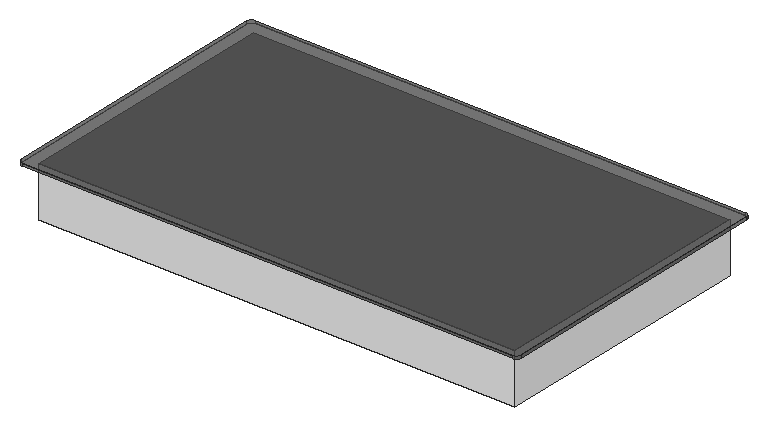
Revit family "1e56233f9f674e5e8e83be29784871fd", category Specialty Equipment, Revit 2021
Family settings
  Round Connector Dimension = Use Diameter
  Part Type = Normal
  OmniClass Number = 23.40.40.14
  OmniClass Title = Food Service Equipment
  Work Plane-Based = Yes
  Always vertical = Yes
  Cut with Voids When Loaded = No
  Shared = No
  Room Calculation Point = No
Parameters (values of type "36"")
  Width = 3' - 0"
  Voltage = 120 V
  Type Comments = ""
  Basement Finish = Appliance - Chrome
  Show Label = yes
  Power Consumption = 1000 VA
  Label = "Cooktop"
  Surface Height = 0' - 0 59/256"
  Housing Thickness = 0' - 3 27/32"
  Description = "Electric Cooktop"
  Default Elevation = 4' - 0"
  Counter Depth = 1' - 9"
  Assembly Code = "E1090320"
  Appliance Finish = Appliance - Glass
  Amperage = Power Consumption / Voltage  # 8.33333 A
Reference planes (in)
  plane 1 "Cabinet Face": y = 0.12598
  plane 2: z = 0
  plane 3 "Center (Left/Right)": x = 0
  plane 4 "Left": x = -18
  plane 5 "Right": x = 18
  plane 6 "Back": y = 10.62598
  plane 7 "Door Back": y = -10.37402
  plane 8 "Top": z = 0.23047
  plane 9 "Base": z = -3.61328
  plane 10: x = -17.13386
  plane 11: x = 17.13386
  plane 12: y = -9.50787
  plane 13: y = 9.75984
  plane 14 "Electrical CL": x = 14.63386
  plane 15: x = -11.97884
  plane 16: x = -1.28852
  plane 17: x = -2.31791
  plane 18: x = 10.49852
  plane 19: y = 8.36036
  plane 20: y = -4.4872
  plane 21: y = -4.9247
  plane 22: y = 1.65748
  plane 23: y = 4.75099
  plane 24: y = 4.14962
  plane 25: x = 2.85339
  plane 26: y = -5.74001
  plane 27: x = -1.78061
  plane 28: y = -20.37402
Forms (in)
  Extrusion 1, solid, material "Appliance - Glass" <- "Appliance Finish"
    sketch origin (0, 0, 0) x (1, 0, 0) y (0, 1, 0)
      loop
        arc (-17.625, 10.62598) -> (-17.89017, 10.51615) -> (-18, 10.25098) r 0.375
        line (-18, 10.25098) -> (-18, -9.99902)
        arc (-18, -9.99902) -> (-17.89017, -10.26418) -> (-17.625, -10.37402) r 0.375
        line (-17.625, -10.37402) -> (17.625, -10.37402)
        arc (17.625, -10.37402) -> (17.89017, -10.26418) -> (18, -9.99902) r 0.375
        line (18, -9.99902) -> (18, 10.25098)
        arc (18, 10.25098) -> (17.89017, 10.51615) -> (17.625, 10.62598) r 0.375
        line (17.625, 10.62598) -> (-17.625, 10.62598)
    from 0 to 0.23047
  Extrusion 2, solid, material "Appliance - Glass" <- "Appliance Finish"
    sketch origin (0, 0, -3.61328) x (-1, 0, 0) y (0, -1, 0)
      loop
        line (17.13386, -9.75984) -> (17.13386, 9.50787) -> (-17.13386, 9.50787) -> (-17.13386, -9.75984) -> (17.13386, -9.75984)
    from 0 to 3.61328
  Sweep 3, solid, material "Appliance - Chrome" <- "Basement Finish", detail levels medium+fine
    path origin (14.63386, 0, 0) x (0, 0, 1) y (0, -1, 0)
      loop
        line (-3.75217, -5.27708) -> (-3.75217, -6.29513)
        arc (-3.75217, -6.29513) -> (-3.73386, -6.33933) -> (-3.68967, -6.35763) r 0.0625
        line (-3.68967, -6.35763) -> (-3.61328, -6.35763)
    profile origin (14.63386, 5.78611, -3.75217) x (0, 0, 1) y (1, 0, 0)
      loop
        circle (-0.5, 0) r 0.5
Lines and regions (in)
  Split face 1
    outline origin (0, 0, 0.23047) x (1, 0, 0) y (0, 1, 0)
      loop
        line (18, -5.74001) -> (2.85339, -5.74001) -> (-1.78061, -10.37402)
  Split face 2
    outline origin (0.3125, 0.125, 0.23047) x (1, 0, 0) y (0, 1, 0)
      loop
        circle (-12.29134, 4.62599) r 3.60938
  Split face 3
    outline origin (0.3125, 0.125, 0.23047) x (1, 0, 0) y (0, 1, 0)
      loop
        circle (-12.29134, 4.62599) r 3.48438
  Split face 4
    outline origin (0.6875, -1, 0.23047) x (1, 0, 0) y (0, 1, 0)
      loop
        circle (9.81102, 2.65748) r 2.625
  Split face 5
    outline origin (0.6875, -1, 0.23047) x (1, 0, 0) y (0, 1, 0)
      loop
        circle (9.81102, 2.65748) r 2.75
  Split face 6
    outline origin (0.6875, -1, 0.23047) x (1, 0, 0) y (0, 1, 0)
      loop
        circle (9.81102, 2.65748) r 4.0625
  Split face 7
    outline origin (0.6875, -1, 0.23047) x (1, 0, 0) y (0, 1, 0)
      loop
        circle (9.81102, 2.65748) r 4.1875
  Split face 8
    outline origin (0.6875, -1, 0.23047) x (1, 0, 0) y (0, 1, 0)
      loop
        circle (9.81102, 2.65748) r 5.125
  Split face 9
    outline origin (0.6875, -1, 0.23047) x (1, 0, 0) y (0, 1, 0)
      loop
        circle (9.81102, 2.65748) r 5.3125
  Split face 10
    outline origin (0, 0, 0.23047) x (1, 0, 0) y (0, 1, 0)
      loop
        circle (-11.97884, -4.4872) r 3.60938
  Split face 11
    outline origin (2.375, -0.0625, 0.23047) x (1, 0, 0) y (0, 1, 0)
      loop
        circle (-4.69291, -4.8622) r 2.875
  Split face 12
    outline origin (2.375, -0.0625, 0.23047) x (1, 0, 0) y (0, 1, 0)
      loop
        circle (-4.69291, -4.8622) r 2.75
  Split face 13
    outline origin (0, 0, 0.23047) x (1, 0, 0) y (0, 1, 0)
      loop
        circle (-11.97884, -4.4872) r 3.48437
  Split face 14
    outline origin (0, 0, 0.23047) x (1, 0, 0) y (0, 1, 0)
      loop
        circle (-1.28852, 4.14962) r 2.6875
  Split face 15
    outline origin (0, 0, 0.23047) x (1, 0, 0) y (0, 1, 0)
      loop
        circle (-1.28852, 4.14962) r 4.06336
  Split face 16
    outline origin (0, 0, 0.23047) x (1, 0, 0) y (0, 1, 0)
      loop
        line (-15.60806, 3.2467) -> (-15.60806, -3.00327)
        arc (-15.60806, -3.00327) -> (-15.54556, -3.06577) -> (-15.48306, -3.00327) r 0.0625
        line (-15.48306, -3.00327) -> (-15.48306, 3.2467)
        arc (-15.48306, 3.2467) -> (-15.54556, 3.3092) -> (-15.60806, 3.2467) r 0.0625
  Split face 17
    outline origin (0, 0, 0.23047) x (1, 0, 0) y (0, 1, 0)
      loop
        line (-8.47462, 3.2467) -> (-8.47462, -3.00327)
        arc (-8.47462, -3.00327) -> (-8.41212, -3.06577) -> (-8.34962, -3.00327) r 0.0625
        line (-8.34962, -3.00327) -> (-8.34962, 3.2467)
        arc (-8.34962, 3.2467) -> (-8.41212, 3.3092) -> (-8.47462, 3.2467) r 0.0625
  Split face 18
    outline origin (0, 0, 0.23047) x (1, 0, 0) y (0, 1, 0)
      loop
        circle (-1.28852, 4.14962) r 4.1875
  Split face 19
    outline origin (0, 0, 0.23047) x (1, 0, 0) y (0, 1, 0)
      loop
        circle (-11.97884, 4.75099) r 3.48438
  Split face 20
    outline origin (0, 0, 0) x (-1, 0, 0) y (0, -1, 0)
      loop
        circle (-10.49852, -1.65748) r 2.625
  Split face 21
    outline origin (0, 0, 0.23047) x (1, 0, 0) y (0, 1, 0)
      loop
        circle (-1.28852, 4.14962) r 2.56803
  model lines, style "Appliances"
    curve 1: line (14.63386, 6.75625, -4.70216) -> (14.63386, 6.75625, -3.61328)
Dimensions and locks (in)
  equal spacing: plane 4 "Left", plane 3 "Center (Left/Right)", plane 5 "Right"
  "Width": plane 4 "Left" to plane 5 "Right"
  "Surface Height": plane 8 "Top" to level
  "Housing Thickness": plane 8 "Top" to plane 9 "Base"
  "Counter Depth": plane 6 "Back" to plane 7 "Door Back"
  equal spacing: plane 6 "Back", plane 1 "Cabinet Face", plane 7 "Door Back"
  locked: plane 4 "Left" to plane 10 at 0.86614
  locked: plane 11 to plane 5 "Right" at 0.86614
  locked: plane 6 "Back" to plane 13 at 0.86614
  locked: plane 12 to plane 7 "Door Back" at 0.86614
  locked: plane 14 "Electrical CL" to plane 11 at 2.5
  plane 10 to plane 15 to plane 16 = 0' - 5.15502" locked, 0' - 10.69031" locked
  locked: plane 18 to plane 11 at 6.63534
  locked: plane 10 to plane 17 at 14.81595
  locked: plane 12 to plane 20 at 5.02067
  locked: plane 12 to plane 21 at 4.58317
  locked: plane 13 to plane 22 at 8.10236
  locked: plane 13 to plane 19 at 1.39948
  locked: plane 19 to plane 23 at 3.60938
  locked: plane 19 to plane 24 at 4.21074
  locked: plane 25 to plane 5 "Right" at 15.14661
  locked: plane 26 to plane 7 "Door Back" at 4.63401
  locked: plane 27 to plane 25 at 4.63401
  locked: plane 7 "Door Back" to plane 28 at 10
  aligned and locked: plane 2 to level
  aligned and locked: Extrusion 1 sketch curve to plane 6 "Back"
  aligned and locked: plane 4 "Left" to Extrusion 1 sketch curve
  aligned and locked: plane 7 "Door Back" to Extrusion 1 sketch curve
  aligned and locked: Extrusion 1 sketch curve to plane 5 "Right"
  aligned and locked: plane 8 "Top" to Extrusion 1
  aligned and locked: plane 3 "Center (Left/Right)" to nested 1
  aligned and locked: Extrusion 2 sketch curve to plane 13
  aligned and locked: Extrusion 2 sketch curve to plane 10
  aligned and locked: plane 12 to Extrusion 2 sketch curve
  aligned and locked: plane 11 to Extrusion 2 sketch curve
  aligned and locked: level to Extrusion 2
  aligned and locked: plane 26 to Split face 1
  aligned and locked: plane 5 "Right" to Split face 1
  aligned and locked: plane 28 to nested 1
Automatic sketch dimensions
  plane 4 "Left" to Extrusion 1 sketch curve = 0' - 0 3/8"  (x2)
  Extrusion 1 sketch curve to plane 5 "Right" = 0' - 0 3/8"  (x2)
  Split face 2 sketch curve to Split face 2 sketch curve = 0' - 0"  (x2)
  Split face 2 sketch curve to Extrusion 1 = 0' - 6.02116"
  Split face 2 sketch curve to Extrusion 1 = 0' - 5 7/8"
  Split face 2 sketch curve to Extrusion 1 = 0' - 2.41179"
  Split face 3 sketch curve to Split face 3 sketch curve = 0' - 0"  (x2)
  Split face 3 sketch curve to Extrusion 1 = 0' - 6.02116"
  Split face 3 sketch curve to Extrusion 1 = 0' - 5 7/8"
  Split face 3 sketch curve to Extrusion 1 = 0' - 2.53679"
  Split face 4 sketch curve to Split face 4 sketch curve = 0' - 0"  (x2)
  Split face 4 sketch curve to Extrusion 1 = 0' - 7.50148"
  Split face 4 sketch curve to Extrusion 1 = 0' - 8.9685"
  Split face 4 sketch curve to Split face 4 sketch curve = 0' - 2 5/8"
  Split face 5 sketch curve to Split face 5 sketch curve = 0' - 0"  (x2)
  Split face 5 sketch curve to Extrusion 1 = 0' - 7.50148"
  Split face 5 sketch curve to Extrusion 1 = 0' - 8.9685"
  Split face 5 sketch curve to Split face 5 sketch curve = 0' - 2 3/4"
  Split face 6 sketch curve to Split face 6 sketch curve = 0' - 0"  (x2)
  Split face 6 sketch curve to Extrusion 1 = 0' - 7.50148"
  Split face 6 sketch curve to Extrusion 1 = 0' - 8.9685"
  Split face 6 sketch curve to Split face 6 sketch curve = 0' - 4 1/16"
  Split face 7 sketch curve to Split face 7 sketch curve = 0' - 0"  (x2)
  Split face 7 sketch curve to Extrusion 1 = 0' - 7.50148"
  Split face 7 sketch curve to Extrusion 1 = 0' - 8.9685"
  Split face 7 sketch curve to Split face 7 sketch curve = 0' - 4 3/16"
  Split face 8 sketch curve to Split face 8 sketch curve = 0' - 0"  (x2)
  Split face 8 sketch curve to Extrusion 1 = 0' - 7.50148"
  Split face 8 sketch curve to Extrusion 1 = 0' - 8.9685"
  Split face 8 sketch curve to Split face 8 sketch curve = 0' - 5 1/8"
  Split face 9 sketch curve to Split face 9 sketch curve = 0' - 0"  (x2)
  Split face 9 sketch curve to Extrusion 1 = 0' - 7.50148"
  Split face 9 sketch curve to Extrusion 1 = 0' - 8.9685"
  Split face 9 sketch curve to Split face 9 sketch curve = 0' - 5 5/16"
  Split face 10 sketch curve to Split face 10 sketch curve = 0' - 0"  (x2)
  Split face 10 sketch curve to Extrusion 1 = 0' - 6.02116"
  Split face 10 sketch curve to Extrusion 1 = 0' - 5.88681"
  Split face 10 sketch curve to Extrusion 1 = 0' - 2.41179"
  Split face 11 sketch curve to Split face 11 sketch curve = 0' - 0"  (x2)
  Split face 11 sketch curve to Extrusion 1 = 0' - 5.44931"
  Split face 11 sketch curve to Extrusion 1 = 1' - 3.68209"
  Split face 11 sketch curve to Split face 11 sketch curve = 0' - 2 7/8"
  Split face 12 sketch curve to Split face 12 sketch curve = 0' - 0"  (x2)
  Split face 12 sketch curve to Extrusion 1 = 0' - 5.44931"
  Split face 12 sketch curve to Extrusion 1 = 1' - 3.68209"
  Split face 12 sketch curve to Split face 12 sketch curve = 0' - 2 3/4"
  Split face 13 sketch curve to Split face 13 sketch curve = 0' - 0"  (x2)
  Split face 13 sketch curve to Extrusion 1 = 0' - 6.02116"
  Split face 13 sketch curve to Extrusion 1 = 0' - 5.88681"
  Split face 13 sketch curve to Extrusion 1 = 0' - 2.53679"
  Split face 14 sketch curve to Extrusion 1 = 0' - 6.47636"
  Split face 14 sketch curve to Extrusion 1 = 1' - 4.71148"
  Split face 15 sketch curve to Extrusion 1 = 0' - 6.47636"
  Split face 15 sketch curve to Extrusion 1 = 1' - 4.71148"
  Split face 16 sketch curve to Extrusion 1 = 0' - 2.39194"
  Split face 16 sketch curve to Split face 16 sketch curve = 0' - 0 1/16"
  Split face 16 sketch curve to Extrusion 1 = 0' - 7.37074"
  Split face 16 sketch curve to Split face 16 sketch curve = 0' - 6.24997"
  Split face 17 sketch curve to Split face 17 sketch curve = 0' - 0 1/16"
  Split face 17 sketch curve to Extrusion 1 = 0' - 7.37074"
  Split face 17 sketch curve to Split face 17 sketch curve = 0' - 6.24997"
  Split face 17 sketch curve to Extrusion 1 = 0' - 9.52538"
  Extrusion 1 to Split face 1 sketch curve = 0' - 0"
  Split face 1 sketch curve to Extrusion 1 = 0' - 0"
  Split face 1 sketch curve to Extrusion 1 = 0' - 4.63401"
  Split face 1 sketch curve to Split face 1 sketch curve = 1' - 3.14661"
  Split face 1 sketch curve to Split face 1 sketch curve = 0' - 4.63401"
  curve 1 to plane 9 "Base" = 0' - 0"
  curve 1 to plane 13 = 0' - 3.0036"
  curve 1 to plane 9 "Base" = 0' - 1.08888"
  Sweep 3 sketch curve to plane 14 "Electrical CL" = 0' - 0"
  profile plane to Sweep 3 sketch curve = 0' - 0 1/2"
  Sweep 3 sketch curve to plane 9 "Base" = 0' - 0"
  Sweep 3 sketch curve to plane 9 "Base" = 0' - 0.07639"
  Sweep 3 sketch curve to Sweep 3 sketch curve = 0' - 0 1/16"
  Sweep 3 sketch curve to plane 13 = 0' - 3.40221"
  Sweep 3 sketch curve to Sweep 3 sketch curve = 0' - 1.01805"
  Split face 18 sketch curve to Extrusion 1 = 0' - 6.47636"
  Split face 18 sketch curve to Extrusion 1 = 1' - 4.71148"
  Split face 19 sketch curve to Extrusion 1 = 0' - 6.02116"
  Split face 19 sketch curve to Extrusion 1 = 0' - 5 7/8"
  Split face 20 sketch curve to Extrusion 2 = 0' - 6.63534"
  Split face 20 sketch curve to Extrusion 2 = 0' - 8.10236"
  Split face 21 sketch curve to Extrusion 1 = 0' - 6.47636"
  Split face 21 sketch curve to Extrusion 1 = 1' - 4.71148"
  radius of Split face 14 sketch curve = 0' - 2 11/16"
  radius of Split face 15 sketch curve = 0' - 4.06336"
  radius of Sweep 3 sketch curve = 0' - 0 1/2"
  radius of Split face 18 sketch curve = 0' - 4 3/16"
  radius of Split face 19 sketch curve = 0' - 3 31/64"
  radius of Split face 20 sketch curve = 0' - 2 5/8"
  radius of Split face 21 sketch curve = 0' - 2.56803"
Nested families (in)
  nested 1: "Label Annotation 3-32" at (0, -20.37402, 0), visible <- "Show Label", type "Label Annotation 3-32"
Connectors (in)
  electrical at (14.63386, 5.27708, -4.25217), driven by "Voltage", driven by "Power Consumption"
    settings: on Sweep 3, index 1, voltage 120 V, apparent load 1000 VA, apparent load phase1 0 VA, apparent load phase2 0 VA, apparent load phase3 0 VA, power factor 1, load classification "Appliance", number of poles 1, system type 30, power factor state 1, is connector primary yes, connector utility no, sub classification motor no, connector description "Cooktop Power"
Definition of nested family "Label Annotation 3-32"
  Parameters
    Label = "Freezer 36 LH"
  Reference planes (in)
    plane 1: y = 0
    plane 2: x = 0
  Text (in)
    label "Label" at (0.00375, -0.00345, 0), shows "Label"
